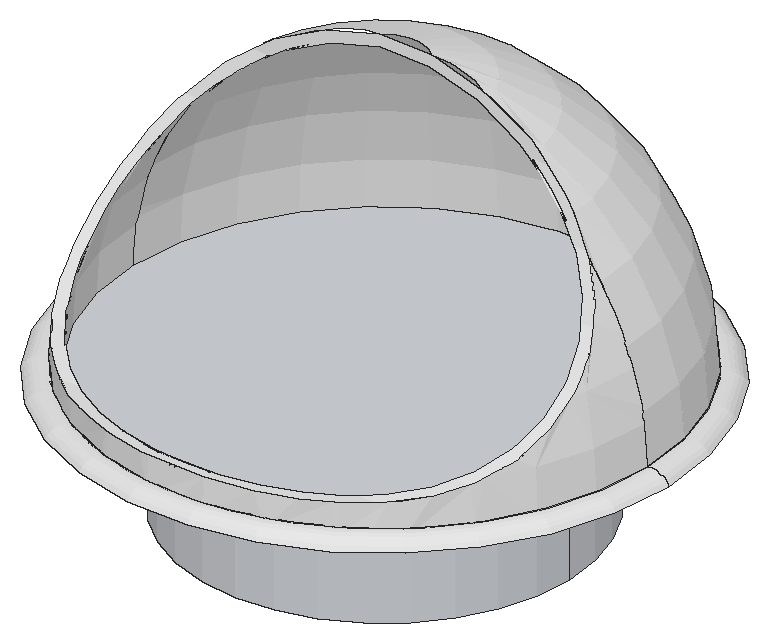
Revit family "CADS_AIRFLOWdev_AirTerminal_RoundCowl_Intake", category Air Terminals, host Face, Revit 2019
Family settings
  Host = Face
  Round Connector Dimension = Use Diameter
  Part Type = Normal
  Cut with Voids When Loaded = No
  Shared = No
  Room Calculation Point = No
Parameters (values of type "180mm With Mesh")
  WorkExecutionLevel = "N/A"
  WeeklyMaintenance = "N/A"
  WarrantyStartDate [instance] = "N/A"
  WarrantyPeriod = "2"
  WarrantyIdentifier = "N/A"
  WarrantyGuarantorParts = "info@airflow.com"
  WarrantyGuarantorLabor = "info@airflow.com"
  WarrantyGuarantor = "Airflow Developments Ltd"
  WarrantyEndDate [instance] = "N/A"
  WarrantyContent = "Replacement of part if faulty"
  Void = ((A - 20 mm) / 2) - 2 mm  # 120.5 mm
  Uniclass2015 = "Pr_65_70_46_01"
  TagNumber [instance] = "N/A"
  Status [instance] = "New"
  Size = "195 x 255 x 255"
  ShippingWeight = 0.09 kg
  Shape = "Round"
  ServiceLifeType = "EXPECTEDSERVICELIFE"
  ServiceLifeDuration = "10"
  SerialNumber [instance] = "N/A"
  RoundCowl = CADS_Airflow_Chrome
  ReplacementCost = "60.444"
  QuarterlyMaintenance = "N/A"
  QualityOfComponents = "N/A"
  ProductionYear = "2017"
  ProductLiterature = "N/A"
  PointOfContact = "Airflow Developments Ltd"
  OutdoorEnviornment = "N/A"
  OperationAndMaintenanceManual = "N/A"
  NumberOfSlots = 0
  NominalWidth = 255 mm
  NominalLength = 195 mm
  NominalHeight = 255 mm
  NBSCode = "90-75-50/370 Air terminals;"
  MountingType = "SURFACE"
  MonthlyMaintenance = "N/A"
  ModelReference = "9041229"
  ModelLabel = "180mm dia round cowl complete with internal mesh"
  MeanTimeBetweenFailure = "N/A"
  Material = "Stainless Steel"
  ManufacturerWebsite = "www.airflow.com"
  ManufacturerTelephone = "01494 525252"
  ManufacturerE-Mail = "info@airflow.com"
  ManufacturerAddress = "Aidelle House\nLancaster Road\nCressex Business Park\nHigh Wycombe\nBucks\nHP123QP"
  Manufacturer = "Airflow Developments Ltd"
  MaintenanceRequired8001to12000hrs = "N/A"
  MaintenanceRequired601to1000hrs = "N/A"
  MaintenanceRequired4001to8000hrs = "N/A"
  MaintenanceRequired301to600hrs = "N/A"
  MaintenanceRequired2001to4000hrs = "N/A"
  MaintenanceRequired1001to2000hrs = "N/A"
  MaintenanceRequired0to300hrs = "N/A"
  MaintenanceLevel = "N/A"
  IsExtendedWarranty = no
  IndoorEnviornment = "N/A"
  InUseConditions = "N/A"
  ISO90001 = yes
  ISO140001 = yes
  HasThermalInsulation = no
  HasSoundAttenuator = no
  HasIntegralControl = no
  GrossWeight = 0.075 kg
  Grade = "Virgin"
  GlobalTradeItemNumber = "5019009318042"
  FlowControlType = "NONE"
  Flow [instance] = 0.0 L/s
  Features [instance] = "180mm dia round cowl complete with internal mesh"
  FaceType = "LOUVERED"
  Exclusions = "Incorrect Use / Incorrect Installation / Installed by a non-accredited electrician. Customer abuse."
  E = 55 mm
  DurationUnit = "Years"
  DesignLevel = "N/A"
  Description = "180mm dia round cowl complete with internal mesh"
  DailyMaintenance = "N/A"
  D = 173 mm
  Mesh [instance] = yes
  Louvers [instance] = no
  Default Elevation = 1219.2 mm
  Constituents = "Silver"
  Color = "Silver"
  CodePerformance = "N/A"
  CEApproval = yes
  C = 190 mm
  BespokeTimeFrameMaintenance = "N/A"
  AssetType = "Fixed"
  AssetIdentifier [instance] = "N/A"
  AssemblyPlace = "N/A"
  AnnualMaintenance = "N/A"
  AirflowRateRange = "0-61"
  AccessibilityPerformance = "N/A"
  A = 265 mm
  Base = A - 20 mm  # 245 mm
  6MonthlyMaintenance = "Visually inspect system, clean the fan and ducting if necessary"
Types (8, lengths in mm): name | Void | Size | ShippingWeight | ReplacementCost | NominalWidth | NominalLength | NominalHeight | ModelReference | ModelLabel | GrossWeight | GlobalTradeItemNumber | Features | E | Description | D | Mesh | Louvers | C | A | Base
  100mm With Louvers | 63 | "115 x 150 x 150" | 0.03 kg | "20.676" | 150 | 115 | 150 | "52644501" | "100mm dia round cowl complete with Internal louvers" | 0.025 kg | "5019009306346" | "100mm dia round cowl complete with Internal louvers" | 42 | "100mm dia round cowl complete with Internal louvers" | 100 | no | yes | 115 | 150 | 130
  125mm With Louvers | 78 | "145 x 190 x 190" | 0.042 kg | "30.228" | 190 | 145 | 190 | "9041226" | "125mm dia round cowl complete with internal louvers" | 0.035 kg | "5019009318011" | "125mm dia round cowl complete with internal louvers" | 48 | "125mm dia round cowl complete with internal louvers" | 125 | no | yes | 145 | 180 | 160
  150mm With Louvers | 91.5 | "155 x 210 x 210" | 0.054 kg | "39.756" | 210 | 155 | 210 | "52644601" | "150mm dia round cowl complete with Internal louvers" | 0.045 kg | "5019009306360" | "150mm dia round cowl complete with Internal louvers" | 55 | "150mm dia round cowl complete with Internal louvers" | 150 | no | yes | 155 | 207 | 187
  180mm With Louvers | 120.5 | "195 x 255 x 255" | 0.09 kg | "60.444" | 255 | 195 | 255 | "9041227" | "180mm dia round cowl complete with internal louvers" | 0.075 kg | "5019009318028" | "180mm dia round cowl complete with internal louvers" | 55 | "180mm dia round cowl complete with internal louvers" | 173 | no | yes | 190 | 265 | 245
  100mm With Mesh | 63 | "115 x 150 x 150" | 0.03 kg | "20.676" | 150 | 115 | 150 | "52644701" | "100mm dia round cowl complete with Internal mesh" | 0.025 kg | "5019009306384" | "100mm dia round cowl complete with Internal mesh" | 42 | "100mm dia round cowl complete with Internal mesh" | 100 | yes | no | 115 | 150 | 130
  125mm With Mesh | 78 | "145 x 190 x 190" | 0.042 kg | "30.228" | 190 | 145 | 190 | "9041228" | "125mm dia round cowl complete with internal mesh" | 0.035 kg | "5019009318035" | "125mm dia round cowl complete with internal mesh" | 48 | "125mm dia round cowl complete with internal mesh" | 125 | yes | no | 145 | 180 | 160
  150mm With Mesh | 91.5 | "155 x 210 x 210" | 0.054 kg | "39.756" | 210 | 155 | 210 | "52644801" | "150mm dia round cowl complete with Internal mesh" | 0.045 kg | "5019009306407" | "150mm dia round cowl complete with Internal mesh" | 55 | "150mm dia round cowl complete with Internal mesh" | 150 | yes | no | 155 | 207 | 187
  180mm With Mesh | 120.5 | "195 x 255 x 255" | 0.09 kg | "60.444" | 255 | 195 | 255 | "9041229" | "180mm dia round cowl complete with internal mesh" | 0.075 kg | "5019009318042" | "180mm dia round cowl complete with internal mesh" | 55 | "180mm dia round cowl complete with internal mesh" | 173 | yes | no | 190 | 265 | 245
Reference planes
  plane 1 "Center (Front/Back)": y = 0
  plane 2: z = 0
  plane 3 "Center (Left/Right)": x = 0
  plane 4: z = 135
  plane 5: x = -122.5
  plane 6: x = 122.5
  plane 7 "top": y = 122.5
  plane 8: y = -122.5
  plane 9: y = -60.25
  plane 10: x = -132.5
  plane 11: y = 132.5
  plane 12: x = 132.5
  plane 13: y = -132.5
  plane 14: y = -120.5
  plane 15: z = 4.663
  plane 16: z = -55
  plane 17: z = 69.832
  plane 18: y = -108.123
Forms (mm)
  Revolve 1, solid, material "CADS_Airflow_Chrome" <- "RoundCowl"
    sketch origin (0, 0, 0) x (1, 0, 0) y (0, 0, 1)
      loop
        arc (122.5, 0) -> (87.787, 91.58) -> (0, 135) r 133.84
        line (0, 135) -> (0, 129.98)
        arc (0, 129.98) -> (84.246, 88.039) -> (117.499, 0) r 128.839
        line (117.499, 0) -> (122.5, 0)
      axis (0, 135) -> (0, 0)
    angle from 0 to 360
  Revolve 2, solid, material "CADS_Airflow_Chrome" <- "RoundCowl"
    sketch origin (0, 0, 0) x (1, 0, 0) y (0, 0, 1)
      loop
        arc (132.5, 0) -> (128.248, 3.935) -> (122.5, 4.663) r 9.485
        line (122.5, 4.663) -> (122.5, 0) -> (132.5, 0)
      axis (0, 4.663) -> (0, 0)
    angle from 0 to 360
  Extrusion 3, solid
    sketch origin (0, 0, 0) x (1, 0, 0) y (0, 1, 0)
      loop
        circle (0, 0) r 122.5
    from 0 to 4.663
  Extrusion 4, solid
    sketch origin (0, 0, 0) x (1, 0, 0) y (0, 1, 0)
      loop
        circle (0, 0) r 86.5
    from 0 to -55
  Extrusion 5, void
    sketch origin (0, -47.12, -7.321) x (0, 1, 0) y (0, 0, 1)
      loop
        circle (-61.003, 142.321) r 120.5
    from -286.988 to 250
Cuts and joins
  Extrusion 5 cuts Revolve 1
Dimensions and locks
  equal spacing: plane 10, plane 3 "Center (Left/Right)", plane 12
  equal spacing: plane 11, plane 1 "Center (Front/Back)", plane 13
  "A": plane 11 to plane 13
  "A": plane 10 to plane 12
  locked: plane 10 to plane 5 at 10
  locked: plane 6 to plane 12 at 10
  locked: plane 8 to plane 13 at 10
  locked: plane 11 to plane 7 "top" at 10
  locked: plane 14 to plane 8 at 2
  equal spacing: plane 1 "Center (Front/Back)", plane 9, plane 14
  plane 1 "Center (Front/Back)" to plane 14 = 120.5 mm
  locked: plane 15 to level at 4.663
  "E": level to plane 16
  "C": plane 4 to plane 16
  equal spacing: plane 4, plane 17, plane 15
  locked: plane 13 to plane 18 at 24.377
  "Base": diameter of Extrusion 3 sketch curve
  "D": diameter of Extrusion 4 sketch curve
  "Void": radius of Extrusion 5 sketch curve
  aligned and locked: plane 2 to host face
  aligned and locked: level to host face
  aligned and locked: Revolve 1 sketch curve to plane 3 "Center (Left/Right)"
  aligned and locked: Revolve 2 sketch curve to plane 3 "Center (Left/Right)"
  aligned and locked: plane 3 "Center (Left/Right)" to Revolve 1 sketch curve
  aligned and locked: level to Revolve 1 sketch curve
  aligned and locked: plane 15 to Extrusion 3
  aligned and locked: Extrusion 4 to plane 16
  aligned and locked: level to Extrusion 4
  aligned and locked: plane 18 to Extrusion 5 sketch curve
  aligned and locked: plane 4 to Extrusion 5 sketch curve
Automatic sketch dimensions
  host sketch curve to host sketch curve = 2438.4 mm  (x2)
  Revolve 2 sketch curve to level = 0 mm
  Revolve 2 sketch curve to plane 6 = 0 mm
  Revolve 2 sketch curve to plane 12 = 0 mm
  plane 6 to Revolve 2 sketch curve = 1.739 mm
  Revolve 2 sketch curve to level = 4.661 mm
  Revolve 2 sketch curve to Revolve 2 sketch curve = 604.939 mm
  plane 4 to Revolve 2 sketch curve = 2534.058 mm
  Revolve 1 sketch curve to plane 6 = 0 mm
  Revolve 1 sketch curve to plane 4 = 0 mm
  level to Revolve 1 sketch curve = 1.64 mm
  Revolve 1 sketch curve to Revolve 1 sketch curve = 5.001 mm
  Revolve 1 sketch curve to plane 16 = 567.6 mm
  Revolve 1 sketch curve to Revolve 1 sketch curve = 2534.058 mm
  Revolve 1 sketch curve to Revolve 1 sketch curve = 0 mm  (x2)
  plane 1 "Center (Front/Back)" to Extrusion 3 sketch curve = 0 mm
  Extrusion 3 sketch curve to plane 3 "Center (Left/Right)" = 0 mm
  plane 1 "Center (Front/Back)" to Extrusion 4 sketch curve = 0 mm
  Extrusion 4 sketch curve to plane 3 "Center (Left/Right)" = 0 mm
Connectors
  hvac at (0, 0, 0), driven by "D", driven by "Flow"
    settings: on Extrusion 4, index 1, duct flow 0.0 L/s, flow factor 0, pres drop 0.0 Pa, loss coef 0, conn angle 0.00°, conn width 304.8 mm, conn height 304.8 mm, conn diameter 173 mm, duct sys type 1, conn prof type 0, flow config 0, flow direction 2, loss method 0, conn ref index -1, conn util no, is conn primary yes, conn desc ""
